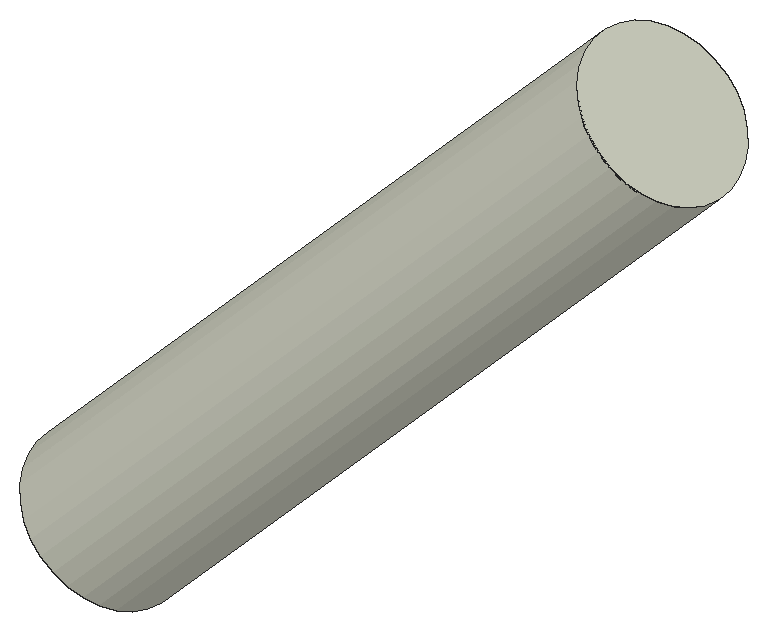
Revit family "グレーチング_鋼管（STK）", category Generic Models, Revit 2023
Family settings
  Can host rebar = No
  Round Connector Dimension = Use Diameter
  Part Type = Normal
  Work Plane-Based = Yes
  Always vertical = No
  Cut with Voids When Loaded = No
  Maintain Annotation Orientation = No
  Shared = No
  Room Calculation Point = No
Parameters (values of type "STK 101.6mm")
  長辺 [instance] = 長さ  # 500 mm
  長さ [instance] = 500 mm
  部屋名 = ""
  角度 [instance] = 45.00°
  直径 = 101.6 mm
  Default Elevation = 1219.2 mm
  構造マテリアル = E614_グレーチング
  半径 = 直径 / 2  # 50.8 mm
Types (29, lengths in mm): name | 直径 | 半径
  STK 101.6mm | 101.6 | 50.8
  STK 1016.0mm | 1016 | 508
  STK 114.3mm | 114.3 | 57.15
  STK 139.8mm | 139.8 | 69.9
  STK 165.2mm | 165.2 | 82.6
  STK 190.7mm | 190.7 | 95.35
  STK 21.7mm | 21.7 | 10.85
  STK 216.3mm | 216.3 | 108.15
  STK 267.4mm | 267.4 | 133.7
  STK 27.2mm | 27.2 | 13.6
  STK 318.5mm | 318.5 | 159.25
  STK 34.0mm | 34 | 17
  STK 355.6mm | 355.6 | 177.8
  STK 406.4mm | 406.4 | 203.2
  STK 42.7mm | 42.7 | 21.35
  STK 457.2mm | 457.2 | 228.6
  STK 48.6mm | 48.6 | 24.3
  STK 500.0mm | 500 | 250
  STK 508.0mm | 508 | 254
  STK 558.8mm | 558.8 | 279.4
  STK 60.5mm | 60.5 | 30.25
  STK 600.0mm | 600 | 300
  STK 609.6mm | 609.6 | 304.8
  STK 700.0mm | 700 | 350
  STK 711.2mm | 711.2 | 355.6
  STK 76.3mm | 76.3 | 38.15
  STK 812.8mm | 812.8 | 406.4
  STK 89.1mm | 89.1 | 44.55
  STK 914.4mm | 914.4 | 457.2
Reference planes
  plane 1 "中心(正面/背面)": y = 0
  plane 2: z = 0
  plane 3 "中心(左/右)": x = 0
Lines and regions (mm)
  reference lines
    curve 1: line (0, 0, 0) -> (848.528, 0, 848.528)
    curve 2: line (35.921, 0, -35.921) -> (-35.921, 0, 35.921)
    curve 3: line (389.474, 0, 317.632) -> (317.632, 0, 389.474)
Dimensions and locks
  equal spacing: curve 2, curve 1, curve 2
  "直径": curve 2 to curve 2
  equal spacing: curve 3, curve 1, curve 3
  "直径": curve 3 to curve 3
  "長さ": curve 3 to curve 2
  "角度": angle level to curve 1
  angle curve 2 to curve 1 = 90.00°
  angle curve 3 to curve 1 = 90.00°
  aligned and locked: level to plane 2
  aligned and locked: level to curve 1
  aligned and locked: plane 3 "中心(左/右)" to curve 1
  aligned and locked: nested 1 to curve 1
Nested families
  nested 1: "グレーチング_鋼管（STK）" at (0, 0, 0) x (0.7071, 0, -0.7071) z (0, -1, 0), 長さ <- "長さ", type "STK 21.7mm"
    with 長辺 500 mm, 長さ 500 mm, 直径 101.6 mm, 半径 50.8 mm
Definition of nested family "グレーチング_鋼管（STK）"
  Parameters (values of type "STK 165.2mm")
    長辺 [instance] = 長さ  # 1000 mm
    長さ [instance] = 1000 mm
    直径 = 165.2 mm
    Default Elevation = 1219.2 mm
    構造マテリアル = none
    半径 = 直径 / 2  # 82.6 mm
  Types (29, lengths in mm): name | 直径 | 半径
    STK 21.7mm | 21.7 | 10.85
    STK 27.2mm | 27.2 | 13.6
    STK 34.0mm | 34 | 17
    STK 42.7mm | 42.7 | 21.35
    STK 48.6mm | 48.6 | 24.3
    STK 60.5mm | 60.5 | 30.25
    STK 76.3mm | 76.3 | 38.15
    STK 89.1mm | 89.1 | 44.55
    STK 101.6mm | 101.6 | 50.8
    STK 114.3mm | 114.3 | 57.15
    STK 139.8mm | 139.8 | 69.9
    STK 165.2mm | 165.2 | 82.6
    STK 190.7mm | 190.7 | 95.35
    STK 216.3mm | 216.3 | 108.15
    STK 267.4mm | 267.4 | 133.7
    STK 318.5mm | 318.5 | 159.25
    STK 355.6mm | 355.6 | 177.8
    STK 406.4mm | 406.4 | 203.2
    STK 457.2mm | 457.2 | 228.6
    STK 500.0mm | 500 | 250
    STK 508.0mm | 508 | 254
    STK 558.8mm | 508 | 254
    STK 600.0mm | 600 | 300
    STK 609.6mm | 609.6 | 304.8
    STK 700.0mm | 700 | 350
    STK 711.2mm | 711.2 | 355.6
    STK 812.8mm | 812.8 | 406.4
    STK 914.4mm | 914.4 | 457.2
    STK 1016.0mm | 1016 | 508
  Reference planes
    plane 1 "中心(正面/背面)": y = 0
    plane 2: z = 0
    plane 3 "中心(左/右)": x = 0
  Forms (mm)
    Extrusion 1, solid, material <- "構造マテリアル"
      sketch origin (0, 0, 0) x (1, 0, 0) y (0, 0, 1)
        loop
          circle (0, 0) r 82.6
      from -1000 to 0
  Lines and regions (mm)
    reference lines
      curve 1: line (82.6, 1000, 0) -> (-82.6, 1000, 0)
      curve 2: line (82.6, 0, 0) -> (-82.6, 0, 0)
  Dimensions and locks
    "長さ": curve 1 to curve 2
    "直径": curve 1 to curve 1
    equal spacing: curve 1, plane 3 "中心(左/右)", curve 1
    "直径": curve 2 to curve 2
    equal spacing: curve 2, plane 3 "中心(左/右)", curve 2
    "半径": radius of Extrusion 1 sketch curve
    aligned and locked: level to plane 2
    aligned and locked: Extrusion 1 to curve 1
    aligned and locked: Extrusion 1 to curve 2
  Automatic sketch dimensions
    Extrusion 1 sketch curve to level = 0 mm
    Extrusion 1 sketch curve to plane 3 "中心(左/右)" = 0 mm
    plane 1 "中心(正面/背面)" to curve 2 = 0 mm
